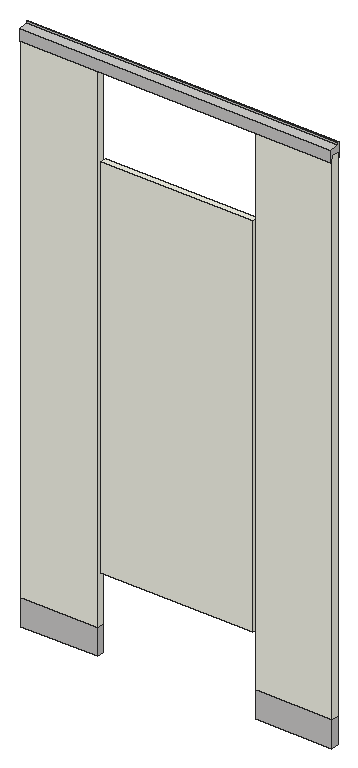
Revit family
Parameters (values of type "B1182")
  URL = "http://www.bobrick.com"
  Right Stile Headrail Value = if(Right Stile Visible, Right Stile Value, 0")  # 12"
  Partition Material = Laminated Plastic - Bobrick - Designer White
  Panel Value = if(DoorPanel Width < 1", 1", if(DoorPanel Width > 84", 84", DoorPanel Width))  # 24"
  Model = "B1182 DuraLineSeries Overhead Braced"
  Manufacturer = "Bobrick Washroom Equipment, Inc."
  Left Stile Headrail Value = if(Left Stile Visible, Left Stile Value, 0")  # 12"
  Inswing Value = if(DoorPanel Width < 22", 22", if(DoorPanel Width > 37", 37", DoorPanel Width))  # 24"
  DoorPanel Width = 24"
  Right Stile Width = 12"
  Right Stile Visible = yes
  Right Stile Value = if(Right Stile Width < 3", 3", if(Right Stile Width > 24", 24", Right Stile Width))  # 12"
  Panel = not(Door Panel)  # no
  Outswing Value = if(DoorPanel Width < 25", 25", if(DoorPanel Width > 37", 37", DoorPanel Width))  # 25"
  Outswing = and(not(Inswing Visibility), Door Panel)  # no
  Left Stile Width = 12"
  Left Stile Visible = yes
  Left Stile Value = if(Left Stile Width < 3", 3", if(Left Stile Width > 24", 24", Left Stile Width))  # 12"
  Inswing Visibility = and(Inswing, Door Panel)  # yes
  Inswing = yes
  Width Value = if(Inswing Visibility, Inswing Value, if(Outswing, Outswing Value, if(Panel, Panel Value, 36")))  # 24"
  Door Panel = yes
  Description = "Class A Fire-Resistant Solid Phenolic Partitions and Screens"
  Assembly Code = "C1030200"
  ADA Compliant = yes
Reference planes (in)
  plane 1 "Center (Front/Back)": y = 0
  plane 2: z = 0
  plane 3 "Center (Left/Right)": x = 0
  plane 4: x = -24.5
  plane 5: x = 24.5
  plane 6: y = 0.5
  plane 7: y = -0.5
  plane 8: x = -12.5
  plane 9: x = 12.5
  plane 10: x = -12
  plane 11: x = 12
  plane 12: z = 4
  plane 13: z = 12
  plane 14: z = 70
  plane 15: z = 41
  plane 16: y = 24.5
  plane 17: x = 11
  plane 18: z = 85
  plane 19: z = 83.5625
  plane 20: z = 82.8125
  plane 21: z = 84.31651
Forms (in)
  Extrusion 1, solid, material "Laminated Plastic - Bobrick - Designer White" <- "Partition Material", visible <- "Left Stile Visible"
    sketch origin (0, 0, 0) x (1, 0, 0) y (0, 1, 0)
      loop
        line (-24.5, 0.5) -> (-24.5, -0.5) -> (-12.5, -0.5) -> (-12.5, 0.5) -> (-24.5, 0.5)
    from 4 to 83.5625
  Extrusion 2, solid, material "Stainless Steel - Bobrick - Satin", visible <- "Left Stile Visible"
    sketch origin (0, 0, 0) x (1, 0, 0) y (0, 1, 0)
      loop
        line (-24.5, 0.5) -> (-24.5, -0.5) -> (-12.5, -0.5) -> (-12.5, 0.5) -> (-24.5, 0.5)
    from 0 to 4
  Extrusion 3, solid, material "Laminated Plastic - Bobrick - Designer White" <- "Partition Material"
    sketch origin (0, 0, 0) x (1, 0, 0) y (0, 1, 0)
      loop
        line (-12, 0.5) -> (-12, -0.5) -> (12, -0.5) -> (12, 0.5) -> (-12, 0.5)
    from 12 to 70
  Extrusion 4, solid, material "Laminated Plastic - Bobrick - Designer White" <- "Partition Material", visible <- "Right Stile Visible"
    sketch origin (0, 0, 0) x (-1, 0, 0) y (0, -1, 0)
      loop
        line (-24.5, -0.5) -> (-12.5, -0.5) -> (-12.5, 0.5) -> (-24.5, 0.5) -> (-24.5, -0.5)
    from 4 to 83.5625
  Extrusion 5, solid, material "Stainless Steel - Bobrick - Satin", visible <- "Right Stile Visible"
    sketch origin (0, 0, 0) x (-1, 0, 0) y (0, -1, 0)
      loop
        line (-24.5, -0.5) -> (-12.5, -0.5) -> (-12.5, 0.5) -> (-24.5, 0.5) -> (-24.5, -0.5)
    from 0 to 4
  Sweep 6, solid, material "Stainless Steel - Bobrick - Satin"
    path origin (0, 0, 0) x (1, 0, 0) y (0, 0, 1)
      loop
        line (-24.5, 85) -> (24.5, 85)
    profile origin (0, 0, 85) x (0, 0, 1) y (0, -1, 0)
      loop
        line (0, -0.5) -> (-0.25, -0.5) -> (-0.5625, 0.75) -> (-2.1875, 0.75) -> (-2.1875, 0.5) -> (-1.4375, 0.5) -> (-1.4375, -0.5) -> (-2.1875, -0.5) -> (-2.1875, -0.75) -> (0, -0.75) -> (0, -0.5)
Lines and regions (in)
  Masking region 1, visible <- "Left Stile Visible"
    outline origin (0, 0, 0) x (1, 0, 0) y (0, 0, 1)
      loop
        line (-24.5, 82.8125) -> (-24.5, 0) -> (-12.5, 0) -> (-12.5, 82.8125) -> (-24.5, 82.8125)
  Masking region 2
    outline origin (0, 0, 0) x (1, 0, 0) y (0, 0, 1)
      loop
        line (-12, 70) -> (-12, 12) -> (12, 12) -> (12, 70) -> (-12, 70)
  Masking region 3, visible <- "Right Stile Visible"
    outline origin (0, 0, 0) x (1, 0, 0) y (0, 0, 1)
      loop
        line (12.5, 82.8125) -> (12.5, 0) -> (24.5, 0) -> (24.5, 82.8125) -> (12.5, 82.8125)
  Masking region 4, visible <- "Door Panel"
    outline origin (0, 0, 0) x (1, 0, 0) y (0, 1, 0)
      loop
        line (11, 24.5) -> (11, 0.5) -> (12, 0.5) -> (12, 24.5) -> (11, 24.5)
  Masking region 5, visible <- "Left Stile Visible"
    outline origin (0, 0, 0) x (1, 0, 0) y (0, 1, 0)
      loop
        line (-24.5, 0.5) -> (-24.5, -0.5) -> (-12.5, -0.5) -> (-12.5, 0.5) -> (-24.5, 0.5)
  Masking region 6, visible <- "Right Stile Visible"
    outline origin (0, 0, 0) x (1, 0, 0) y (0, 1, 0)
      loop
        line (12.5, 0.5) -> (12.5, -0.5) -> (24.5, -0.5) -> (24.5, 0.5) -> (12.5, 0.5)
  Masking region 7, visible <- "Panel"
    outline origin (0, 0, 0) x (1, 0, 0) y (0, 1, 0)
      loop
        line (-12, -0.5) -> (12, -0.5) -> (12, 0.5) -> (-12, 0.5) -> (-12, -0.5)
  Masking region 8
    outline origin (0, 0, 0) x (0, 1, 0) y (0, 0, 1)
      loop
        line (0.5, 83.5625) -> (-0.5, 83.5625) -> (-0.5, 0) -> (0.5, 0) -> (0.5, 83.5625)
  Masking region 9
    outline origin (0, 0, 0) x (1, 0, 0) y (0, 0, 1)
      loop
        line (24.5, 85) -> (-24.5, 85) -> (-24.5, 82.8125) -> (24.5, 82.8125) -> (24.5, 85)
  Masking region 10
    outline origin (0, 0, 0) x (0, 1, 0) y (0, 0, 1)
      loop
        line (0.75, 82.8125) -> (0.75, 85) -> (0.5, 85) -> (0.5, 84.75) -> (-0.75, 84.4375) -> (-0.75, 82.8125) -> (-0.5, 82.8125) -> (-0.5, 83.5625) -> (0.5, 83.5625) -> (0.5, 82.8125) -> (0.75, 82.8125)
  symbolic lines, visible <- "Left Stile Visible"
    curve 1: line (-24.5, 0, 4) -> (-12.5, 0, 4)
  symbolic lines, visible <- "Right Stile Visible"
    curve 2: line (12.5, 0, 4) -> (24.5, 0, 4)
  symbolic lines, style "Partition Elevation Swing", visible <- "Door Panel"
    curve 3: line (-12, 0, 70) -> (12, 0, 40.89791)
    curve 4: line (12, 0, 40.89791) -> (-12, 0, 12)
    curve 5: arc (-12, 0.5, 0) -> (-4.97056, 17.47056, 0) -> (12, 24.5, 0) r 24
  symbolic lines, style "Partition"
    curve 6: line (0, 0.5, 4) -> (0, -0.5, 4)
    curve 7: line (-24.5, 0, 84.31651) -> (24.5, 0, 84.31651)
Dimensions and locks (in)
  equal spacing: host sketch curve, plane 1 "Center (Front/Back)", host sketch curve
  equal spacing: host sketch curve, plane 3 "Center (Left/Right)", host sketch curve
  host sketch curve to host sketch curve = 120"  (x2)
  locked: plane 8 to plane 10 at 0.5
  locked: plane 11 to plane 9 at 0.5
  "Width Value": plane 10 to plane 11
  equal spacing: plane 10, plane 3 "Center (Left/Right)", plane 11
  "Left Stile Value": plane 4 to plane 8
  "Right Stile Value": plane 9 to plane 5
  locked: plane 12 to level at 4
  locked: plane 13 to level at 12
  locked: plane 18 to level at 85
  locked: plane 6 to plane 7 at 1
  equal spacing: plane 6, plane 1 "Center (Front/Back)", plane 7
  equal spacing: plane 14, plane 15, plane 13
  "Width Value": plane 16 to plane 6
  locked: plane 17 to plane 11 at 1
  plane 14 to plane 13 = 58"
  "Left Stile Headrail Value": plane 8 to Sweep 6 sketch curve
  "Right Stile Headrail Value": Sweep 6 sketch curve to plane 9
  locked: plane 18 to plane 19 at 1.4375
  locked: plane 18 to plane 20 at 2.1875
  aligned and locked: level to plane 2
  aligned and locked: Extrusion 1 sketch curve to plane 6
  aligned and locked: plane 4 to Extrusion 1 sketch curve
  aligned and locked: plane 7 to Extrusion 1 sketch curve
  aligned and locked: Extrusion 1 sketch curve to plane 8
  aligned: Extrusion 1 to level
  aligned: plane 14 to Extrusion 1
  aligned and locked: Extrusion 1 to plane 12
  aligned and locked: plane 4 to Extrusion 2 sketch curve
  aligned and locked: Extrusion 2 sketch curve to plane 6
  aligned and locked: Extrusion 2 sketch curve to plane 8
  aligned and locked: plane 7 to Extrusion 2 sketch curve
  aligned and locked: plane 12 to Extrusion 2
  aligned and locked: Extrusion 2 to level
  aligned and locked: plane 10 to Extrusion 3 sketch curve
  aligned and locked: Extrusion 3 sketch curve to plane 6
  aligned and locked: plane 7 to Extrusion 3 sketch curve
  aligned and locked: Extrusion 3 sketch curve to plane 11
  aligned and locked: plane 14 to Extrusion 3
  aligned and locked: Extrusion 3 to plane 13
  aligned and locked: Extrusion 5 sketch curve to plane 9
  aligned and locked: plane 6 to Extrusion 5 sketch curve
  aligned and locked: plane 5 to Extrusion 5 sketch curve
  aligned and locked: Extrusion 5 sketch curve to plane 7
  aligned and locked: Extrusion 4 sketch curve to plane 9
  aligned and locked: plane 6 to Extrusion 4 sketch curve
  aligned and locked: Extrusion 4 sketch curve to plane 7
  aligned and locked: plane 5 to Extrusion 4 sketch curve
  aligned: plane 14 to Extrusion 4
  aligned and locked: Masking region 1 sketch curve to plane 4
  aligned and locked: Masking region 1 sketch curve to level
  aligned and locked: Masking region 1 sketch curve to plane 8
  aligned and locked: Masking region 2 sketch curve to plane 14
  aligned and locked: Masking region 2 sketch curve to plane 10
  aligned and locked: Masking region 2 sketch curve to plane 11
  aligned and locked: Masking region 2 sketch curve to plane 13
  aligned and locked: Masking region 3 sketch curve to plane 9
  aligned and locked: Masking region 3 sketch curve to plane 5
  aligned and locked: Masking region 3 sketch curve to level
  aligned and locked: curve 1 to plane 12
  aligned and locked: plane 4 to curve 1
  aligned and locked: plane 8 to curve 1
  aligned and locked: curve 2 to plane 12
  aligned and locked: plane 5 to curve 2
  aligned and locked: plane 9 to curve 2
  aligned and locked: plane 14 to curve 3
  aligned and locked: plane 10 to curve 3
  aligned and locked: plane 11 to curve 4
  aligned and locked: plane 10 to curve 4
  aligned and locked: plane 13 to curve 4
  aligned and locked: Masking region 4 sketch curve to plane 16
  aligned and locked: plane 17 to Masking region 4 sketch curve
  aligned and locked: plane 6 to Masking region 4 sketch curve
  aligned and locked: Masking region 4 sketch curve to plane 11
  aligned and locked: Masking region 5 sketch curve to plane 6
  aligned and locked: plane 4 to Masking region 5 sketch curve
  aligned and locked: plane 7 to Masking region 5 sketch curve
  aligned and locked: Masking region 5 sketch curve to plane 8
  aligned and locked: Masking region 6 sketch curve to plane 6
  aligned and locked: plane 9 to Masking region 6 sketch curve
  aligned and locked: plane 7 to Masking region 6 sketch curve
  aligned and locked: Masking region 6 sketch curve to plane 5
  aligned and locked: Masking region 4 to curve 5
  aligned and locked: plane 10 to curve 5
  aligned and locked: plane 6 to curve 5  (x2)
  aligned and locked: plane 11 to curve 5
  aligned and locked: Masking region 7 sketch curve to plane 7
  aligned and locked: Masking region 7 sketch curve to plane 10
  aligned and locked: plane 6 to Masking region 7 sketch curve
  aligned and locked: plane 11 to Masking region 7 sketch curve
  aligned and locked: level to Masking region 8 sketch curve
  aligned and locked: Masking region 8 sketch curve to plane 6
  aligned and locked: plane 7 to Masking region 8 sketch curve
  aligned and locked: plane 12 to curve 6
  aligned and locked: plane 7 to curve 6
  aligned and locked: plane 6 to curve 6
  aligned and locked: Sweep 6 sketch curve to plane 18
  aligned: Extrusion 1 to Masking region 1
  aligned: Masking region 1 sketch curve to plane 20
  aligned and locked: Masking region 3 sketch curve to plane 20
  aligned and locked: plane 19 to Extrusion 4
  aligned and locked: Masking region 9 sketch curve to plane 4
  aligned and locked: plane 5 to Masking region 9 sketch curve
  aligned and locked: plane 18 to Masking region 9 sketch curve
  aligned and locked: curve 7 to plane 21
  aligned and locked: plane 4 to curve 7
  aligned and locked: plane 5 to curve 7
  aligned and locked: plane 19 to Extrusion 1
  aligned and locked: Masking region 8 sketch curve to plane 19
  aligned and locked: plane 20 to Masking region 10 sketch curve
  aligned and locked: Masking region 10 sketch curve to Sweep 6  (x9)
  aligned and locked: Extrusion 5 to level
  aligned and locked: Extrusion 4 to plane 12
  aligned and locked: plane 12 to Extrusion 5
Automatic sketch dimensions
  curve 4 to plane 15 = 0.10209"
  profile plane to Sweep 6 sketch curve = 0"
  profile plane to Sweep 6 sketch curve = 1/4"
  profile plane to Sweep 6 sketch curve = 9/16"
  Sweep 6 sketch curve to Sweep 6 sketch curve = 7/8"
  Sweep 6 sketch curve to Sweep 6 sketch curve = 3/4"  (x2)
  Sweep 6 sketch curve to plane 1 "Center (Front/Back)" = 3/4"
  Sweep 6 sketch curve to Sweep 6 sketch curve = 1/4"  (x2)
  plane 1 "Center (Front/Back)" to Sweep 6 sketch curve = 1/2"
  plane 1 "Center (Front/Back)" to Sweep 6 sketch curve = 3/4"
  Masking region 9 sketch curve to plane 20 = 0"
  Masking region 1 sketch curve to plane 20 = 0"
